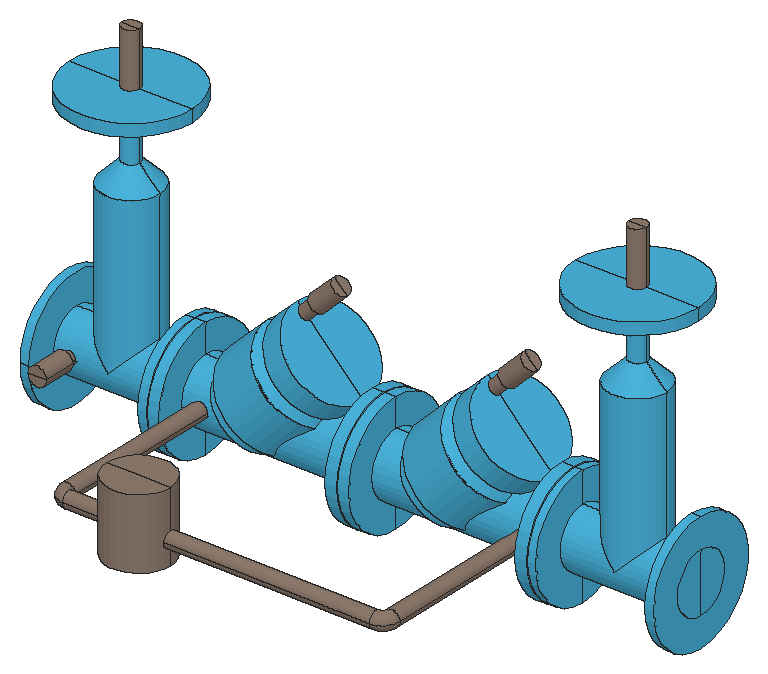
Revit family "Double_Check_Detector_Assemblies-Backflow_Prevention-WATTS-709DCDA-OSY", category Pipe Accessories, Revit 2016
Family settings
  Part Type = Valve - Breaks Into
  Round Connector Dimension = Use Radius
  OmniClass Number = 23.65.55.14.21
  OmniClass Title = Non-Return Valves for Liquid Services
  Work Plane-Based = No
  Always vertical = Yes
  Cut with Voids When Loaded = No
  Shared = No
Parameters (values of type "3" 709DCDA-OSY")
  URL = "http://www.watts.com/"
  TC_Nipple_Rad = 0.420"
  TC_Nipple_Length = 1.140"
  TC_Dist = 7.000"
  TC_Body_Rad = 0.580"
  TC_Body_Length = 2.060"
  TC_1_Dist = 1.500"
  TC1_CL_Dist = 1.060"
  Shipping Weight = 190.000 lbf
  Region = "North America"  # constant formula
  RV_Thk = 0.000"
  Product Page URL = "https://www.watts.com/products/plumbing-flow-control-solutions/backflow-preventers/double-check-detector-assemblies/709dcda"
  Product Documentation Link = "http://www.watts.com/pdf/ES-709DCDA.pdf"
  Ordering Code = "CFM Meter : 0387052 / GPM Meter : 0387745"
  Model = "709DCDA-OSY"
  Max. Working Pressure = "175 psi (12.1 bar)"
  Material = "Metal-WATTS-Epoxy Coated Cast Iron"  # constant formula
  Manufacturer Product Line = "Backflow Prevention"  # constant formula
  Manufacturer = "WATTS"
  Height = 18.875"
  GV_Stem_Rad = 0.550"
  GV_Stem_Length = 7.000"
  GV_Stem_Dist = GV_OAL / 2  # 4.000"
  GV_OSY_Stem_Hieght = 3.200"
  GV_OAL = 8.000"
  GV_Outlet_Flange_Ext_Dist = -0.550"
  GV_Handle_Thk = 0.750"
  GV_Handle_Rad = 3.940"
  GV_Handle_Hieght = 15.500"
  GV_Flow_Rad = 1.850"
  GV_Flange_Thk = 0.550"
  GV_Flange_Rad = 3.740"
  GV_Bonnet_Hieght = 10.000"
  Flow Rate = "7.5 fps / 2.3 mps"
  Description = "Series 709DCDA Double Check Detector Assemblies prevent backflow of non-health hazard fire protection system substances from being pumped or siphoned into the potable water supply.  It incorporates a meter to detect ground leaks and unauthorized illegal taps, greatly reducing annual water expenses.  Its compact epoxy coated cast iron unibody and modular check design facilitate simple and easy installation and maintenance.  Maximum Working Pressure: 175psi (12.06 bar)."  # constant formula
  Country = "United States"  # constant formula
  Connection_Rad = 1 1/2"
  Connection Type = "3\" Flange"
  Connection Size = Connection_Rad * 2  # 3.000"
  Connection Outlet Description = "3\" Connection Outlet"
  Connection Inlet Description = "3\" Connection Inlet "
  Chk_Main_Rad = 3.110"
  Chk_Main_OAL = 6.900"
  Chk_Inlet_Rad = 2.540"
  Chk_Flow_Rad = 1.980"
  Chk_Flange_Thk = 0.750"
  Chk_Flange_Rad = 3.750"
  Chk_Fillet_Rad = 0.380"
  Chk_Cover_Rad = 3.000"
  Chk_Cover_Thk = 1.530"
  Chk_CL_Base = 1.080"
  Chk_Body_Cover_Rad = 2.625"
  Chk_Body_Cover_Dist = 0.410"
  Chk_Angle_Dist = 3.750"
  Chk_Angle = 45.00°
  Check_OAL = 12.000"
  BP_WM_Top = 2.920"
  BP_WM_Rad = 2.000"
  BP_WM_Dist = BP_InFlg_Start + 4.960"  # 6.835"
  BP_WM_Btm = 1.520"
  BP_Sweep_Rad = 0.560"
  BP_Rad = 0.500"
  BP_Length = 20.500"
  BP_InFlg_Start = 1.875"
  BP_CL_Bypass = 12.930"
  Assembly Code = "D2090800"
Types (6): name | TC_Nipple_Length | TC_Dist | TC_1_Dist | TC1_CL_Dist | Shipping Weight | Ordering Code | Height | GV_Stem_Rad | GV_Stem_Length | GV_Stem_Dist | GV_OSY_Stem_Hieght | GV_OAL | GV_Outlet_Flange_Ext_Dist | GV_Handle_Thk | GV_Handle_Rad | GV_Handle_Hieght | GV_Flow_Rad | GV_Flange_Thk | GV_Flange_Rad | GV_Bonnet_Hieght | Connection_Rad | Connection Type | Connection Size | Connection Outlet Description | Connection Inlet Description | Chk_Main_Rad | Chk_Main_OAL | Chk_Inlet_Rad | Chk_Flow_Rad | Chk_Flange_Thk | Chk_Flange_Rad | Chk_Cover_Rad | Chk_Cover_Thk | Chk_CL_Base | Chk_Body_Cover_Rad | Chk_Body_Cover_Dist | Chk_Angle_Dist | Check_OAL | BP_Length | BP_CL_Bypass
  (no name) | 1.140" | 7.000" | 1.500" | 1.060" | 190.000 lbf | "CFM Meter : 0387052 / GPM Meter : 0387745" | 18.875" | 0.550" | 7.000" | 4.000" | 3.200" | 8.000" | -0.550" | 0.750" | 3.940" | 15.500" | 1.850" | 0.550" | 3.740" | 10.000" | 1 1/2" | "3\" Flange" | 3.000" | "3\" Connection Outlet" | "3\" Connection Inlet " | 3.110" | 6.900" | 2.540" | 1.980" | 0.750" | 3.750" | 3.000" | 1.530" | 1.080" | 2.625" | 0.410" | 3.750" | 12.000" | 20.500" | 12.930"
  3" 709DCDA-OSY | 1.140" | 7.000" | 1.500" | 1.060" | 190.000 lbf | "CFM Meter : 0387052 / GPM Meter : 0387745" | 18.875" | 0.550" | 7.000" | 4.000" | 3.200" | 8.000" | -0.550" | 0.750" | 3.940" | 15.500" | 1.850" | 0.550" | 3.740" | 10.000" | 1 1/2" | "3\" Flange" | 3.000" | "3\" Connection Outlet" | "3\" Connection Inlet " | 3.110" | 6.900" | 2.540" | 1.980" | 0.750" | 3.750" | 3.000" | 1.530" | 1.080" | 2.625" | 0.410" | 3.750" | 12.000" | 20.500" | 12.930"
  4" 709DCDA-OSY | 1.000" | 9.280" | 2.000" | 1.060" | 403.000 lbf | "CFM Meter : 0387058 / GPM Meter : 0385680" | 22.750" | 0.550" | 8.000" | 4.500" | 4.750" | 9.000" | -0.940" | 0.870" | 4.940" | 18.000" | 2.560" | 0.940" | 4.500" | 11.000" | 2" | "4\" Flange" | 4.000" | "4\" Connection Outlet" | "4\" Connection Inlet" | 3.750" | 9.260" | 3.130" | 2.630" | 0.940" | 4.500" | 4.340" | 1.530" | 1.560" | 3.260" | 0.620" | 4.500" | 17.000" | 30.000" | 13.430"
  6" 709DCDA-OSY | 1.000" | 10.500" | 2.000" | 3.000" | 727.000 lbf | "CFM Meter : 0387069 / GPM Meter : 0387082" | 30.125" | 0.625" | 8.000" | 5.125" | 6.750" | 10.250" | -1.000" | 0.870" | 5.940" | 23.380" | 3.580" | 1.000" | 5.500" | 14.000" | 3" | "6\" Flange" | 6.000" | "6\" Connection Outlet" | "6\" Connection Inlet" | 5.250" | 10.860" | 4.440" | 3.750" | 1.000" | 5.500" | 5.880" | 1.740" | 0.760" | 4.625" | 0.620" | 5.500" | 21.000" | 38.000" | 14.430"
  8" 709DCDA-OSY | 1.000" | 14.000" | 2.500" | 4.000" | 1327.000 lbf | "CFM Meter : 0387088 / GPM Meter : 0387070" | 37.750" | 0.660" | 8.000" | 5.750" | 8.500" | 11.500" | -1.180" | 1.060" | 6.790" | 30.500" | 4.530" | 1.180" | 6.750" | 20.000" | 4" | "8\" Flange" | 8.000" | "8\" Connection Outlet" | "8\" Connection Inlet" | 6.625" | 15.560" | 5.940" | 4.810" | 1.100" | 6.750" | 7.310" | 2.180" | 1.265" | 6.125" | 0.680" | 6.380" | 26.000" | 48.000" | 15.930"
  10" 709DCDA-OSY | 1.000" | 16.000" | 2.500" | 5.000" | 2093.000 lbf | "CFM Meter : 0387090 / GPM Meter : 0387092" | 45.750" | 0.840" | 8.000" | 6.500" | 11.300" | 13.000" | -1.180" | 1.060" | 8.030" | 38.000" | 5.600" | 1.180" | 8.000" | 25.000" | 5" | "10\" Flange" | 10.000" | "10\" Connection Outlet" | "10\" Connection Inlet" | 8.750" | 18.800" | 7.180" | 5.940" | 1.120" | 8.000" | 8.750" | 2.310" | 2.060" | 7.190" | 0.520" | 7.440" | 32.000" | 60.000" | 17.430"
Reference planes (in)
  plane 1 "Center (Front/Back)": y = 0
  plane 2: z = 0
  plane 3 "Center (Left/Right)": x = 0
  plane 4 "1st_Check_In_Flange": x = 8
  plane 5 "1st_Check_Out_Flange": x = 20
  plane 6 "2nd_Check_In_Flange": x = 20
  plane 7 "2nd_Check_Out_Flange": x = 32
  plane 8 "Out_Gate_WP": x = 40
  plane 9 "GV_Handle_Hieght": z = 15.5
  plane 10 "BP_WP": y = -12.93
  plane 11: z = 18.875
  plane 12: x = 9.875
  plane 13: x = 30.375
  plane 14: x = 1.5
  plane 15: x = 0
  plane 16: x = 10.58065
  plane 17: x = 20
  plane 18: x = 29.41935
  plane 19: x = 40
Forms (in)
  Revolve 1, solid, material "Metal-WATTS-Epoxy Coated Cast Iron"
    sketch origin (0, 0, 0) x (1, 0, 0) y (0, 0, 1)
      loop
        line (8, -3.75) -> (8.75, -3.75) -> (8.75, -1.98) -> (19.25, -1.98) -> (19.25, -3.75) -> (20, -3.75) -> (20, 0) -> (8, 0) -> (8, -3.75)
      axis (8, 0) -> (20, 0)
    angle from 0 to 360
  Revolve 2, solid, material "Metal-WATTS-Epoxy Coated Cast Iron"
    sketch origin (0, 0, 0) x (1, 0, 0) y (0, 0, 1)
      loop
        line (11.75, 0) -> (16.62904, 4.87904) -> (14.50772, 7.00036) -> (13.42584, 5.91848) -> (13.69101, 5.65332) -> (13.40109, 5.3634) -> (12.7152, 5.3634) -> (10.31457, 2.96278) -> (10.71762, 2.55973) -> (9.95395, 1.79605) -> (11.75, 0)
      axis (16.62904, 4.87904) -> (11.75, 0)
    angle from 0 to 360
  Revolve 3, solid, material "Metal-WATTS-Epoxy Coated Cast Iron"
    sketch origin (0, 0, 0) x (1, 0, 0) y (0, 0, 1)
      loop
        line (20, 0) -> (20, -3.75) -> (20.75, -3.75) -> (20.75, -1.98) -> (31.25, -1.98) -> (31.25, -3.75) -> (32, -3.75) -> (32, 0) -> (20, 0)
      axis (20, 0) -> (32, 0)
    angle from 0 to 360
  Revolve 4, solid, material "Metal-WATTS-Epoxy Coated Cast Iron"
    sketch origin (0, 0, 0) x (1, 0, 0) y (0, 0, 1)
      loop
        line (23.75, 0) -> (28.62904, 4.87904) -> (26.50772, 7.00036) -> (25.42584, 5.91848) -> (25.69101, 5.65332) -> (25.40109, 5.3634) -> (24.7152, 5.3634) -> (22.31457, 2.96278) -> (22.71762, 2.55973) -> (21.95395, 1.79605) -> (23.75, 0)
      axis (28.62904, 4.87904) -> (23.75, 0)
    angle from 0 to 360
  Revolve 5, solid, material "Metal-WATTS-Bronze"
    sketch origin (0, 0, 0) x (1, 0, 0) y (0, 0, 1)
      loop
        line (15, 6.50807) -> (17.26274, 8.77082) -> (16.85262, 9.18094) -> (15.39598, 7.7243) -> (15.50912, 7.61116) -> (14.70302, 6.80506) -> (15, 6.50807)
      axis (17.26274, 8.77082) -> (15, 6.50807)
    angle from 0 to 360
  Revolve 6, solid, material "Metal-WATTS-Bronze"
    sketch origin (0, 0, 0) x (1, 0, 0) y (0, 0, 1)
      loop
        line (27, 6.50807) -> (29.26274, 8.77082) -> (28.85262, 9.18094) -> (27.39598, 7.7243) -> (27.50912, 7.61116) -> (26.70302, 6.80506) -> (27, 6.50807)
      axis (29.26274, 8.77082) -> (27, 6.50807)
    angle from 0 to 360
  Revolve 7, solid, material "Metal-WATTS-Epoxy Coated Cast Iron"
    sketch origin (0, 0, 0) x (1, 0, 0) y (0, 0, 1)
      loop
        line (8, 3.74) -> (7.45, 3.74) -> (7.45, 1.85) -> (0, 1.85) -> (0, 0) -> (8, 0) -> (8, 3.74)
      loop
        line (32, 3.74) -> (32, 0) -> (40, 0) -> (40, 1.85) -> (32.55, 1.85) -> (32.55, 3.74) -> (32, 3.74)
      axis (0, 0) -> (40, 0)
    angle from 0 to 360
  Extrusion 8, solid, material "Metal-WATTS-Epoxy Coated Cast Iron"
    sketch origin (0, 0, 0) x (0, 1, 0) y (0, 0, 1)
      loop
        circle (0, 0) r 3.74
    from 0 to 0.55 <- "GV_Flange_Thk"
  Extrusion 9, solid, material "Metal-WATTS-Epoxy Coated Cast Iron"
    sketch origin (40, 0, 0) x (0, 0, 1) y (0, -1, 0)
      loop
        circle (0, 0) r 3.74
    from 0 to -0.55 <- "GV_Outlet_Flange_Ext_Dist"
  Revolve 10, solid, material "Metal-WATTS-Epoxy Coated Cast Iron"
    sketch origin (0, 0, 0) x (1, 0, 0) y (0, 0, 1)
      loop
        line (3.45, 15.5) -> (0.125, 15.5) -> (0.125, 14.75) -> (3.45, 14.75) -> (3.45, 11.3) -> (2.15, 10) -> (2.15, 0) -> (4, 0) -> (4, 18.875) -> (3.45, 18.875) -> (3.45, 15.5)
      axis (4, 18.875) -> (4, 0)
    angle from 0 to 360
  Revolve 11, solid, material "Metal-WATTS-Epoxy Coated Cast Iron"
    sketch origin (0, 0, 0) x (1, 0, 0) y (0, 0, 1)
      loop
        line (35.45, 15.5) -> (32.125, 15.5) -> (32.125, 14.75) -> (35.45, 14.75) -> (35.45, 11.3) -> (34.15, 10) -> (34.15, 0) -> (36, 0) -> (36, 18.875) -> (35.45, 18.875) -> (35.45, 15.5)
      axis (36, 18.875) -> (36, 0)
    angle from 0 to 360
  Revolve 12, solid, material "Metal-WATTS-Bronze"
    sketch origin (0, 0, 0) x (1, 0, 0) y (0, 1, 0)
      loop
        line (1.5, -1.06) -> (1.08, -1.06) -> (1.08, -2.2) -> (0.92, -2.2) -> (0.92, -4.26) -> (1.5, -4.26) -> (1.5, -1.06)
      axis (1.5, -1.06) -> (1.5, -4.26)
    angle from 0 to 360
  Sweep 13, solid, material "Metal-WATTS-Bronze"
    path origin (0, 0, 0) x (1, 0, 0) y (0, 1, 0)
      loop
        line (9.875, 0) -> (9.875, -12.37)
        arc (9.875, -12.37) -> (10.03902, -12.76598) -> (10.435, -12.93) r 0.56
        line (10.435, -12.93) -> (29.815, -12.93)
        arc (29.815, -12.93) -> (30.21098, -12.76598) -> (30.375, -12.37) r 0.56
        line (30.375, -12.37) -> (30.375, 0)
    profile origin (9.875, 0, 0) x (1, 0, 0) y (0, 0, 1)
      loop
        circle (0, 0) r 0.5
  Revolve 14, solid, material "Metal-WATTS-Bronze"
    sketch origin (0, -12.93, 0) x (-1, 0, 0) y (0, 0, 1)
      loop
        line (-14.835, -1.52) -> (-12.835, -1.52) -> (-12.835, 2.92) -> (-14.835, 2.92) -> (-14.835, -1.52)
      axis (-14.835, 2.92) -> (-14.835, -1.52)
    angle from 0 to 360
Lines and regions (in)
  Masking region 1, detail levels fine
    outline origin (0, 0, 0) x (1, 0, 0) y (0, 1, 0)
      loop
        line (0, 3.74) -> (0, -3.74) -> (0.55, -3.74) -> (0.55, -1.7644)
        arc (0.55, -1.7644) -> (0.70196, -2.03435) -> (0.875, -2.29129) r 3.875
        line (0.875, -2.29129) -> (0.875, -4.26) -> (2.125, -4.26) -> (2.125, -3.39116)
        arc (2.125, -3.39116) -> (5.13214, -3.70593) -> (7.45, -1.7644) r 3.875
        line (7.45, -1.7644) -> (7.45, -3.74) -> (8.75, -3.74) -> (8.75, -1.98) -> (9.375, -1.98) -> (9.375, -12.43)
        arc (9.375, -12.43) -> (9.66789, -13.13711) -> (10.375, -13.43) r 1
        line (10.375, -13.43) -> (12.89851, -13.43)
        arc (12.89851, -13.43) -> (14.835, -14.93) -> (16.77149, -13.43) r 2
        line (16.77149, -13.43) -> (30.0477, -13.43)
        arc (30.0477, -13.43) -> (30.64063, -13.08815) -> (30.87484, -12.44505) r 1
        line (30.87484, -12.44505) -> (30.87484, -1.98) -> (31.25, -1.98) -> (31.25, -3.74) -> (32.55, -3.74) -> (32.55, -1.7644)
        arc (32.55, -1.7644) -> (36, -3.875) -> (39.45, -1.7644) r 3.875
        line (39.45, -1.7644) -> (39.45, -3.74) -> (40, -3.74) -> (40, 3.74) -> (39.45, 3.74) -> (39.45, 1.7644)
        arc (39.45, 1.7644) -> (36, 3.875) -> (32.55, 1.7644) r 3.875
        line (32.55, 1.7644) -> (32.55, 3.74) -> (31.25, 3.74) -> (31.25, 1.98) -> (30.38, 1.98) -> (29.22484, 3.11) -> (23.7792, 3.11) -> (22.62404, 1.98) -> (20.75, 1.98) -> (20.75, 3.74) -> (19.25, 3.74) -> (19.25, 1.98) -> (18.25, 1.98) -> (17.09484, 3.11) -> (10.51428, 3.11) -> (10.51428, 1.98) -> (8.75, 1.98) -> (8.75, 3.74) -> (7.45, 3.74) -> (7.45, 1.7644)
        arc (7.45, 1.7644) -> (4, 3.875) -> (0.55, 1.7644) r 3.875
        line (0.55, 1.7644) -> (0.55, 3.74) -> (0, 3.74)
      loop
        line (19.25, -3.74) -> (19.25, -1.98) -> (18.25, -1.98) -> (17.09484, -3.11) -> (10.51428, -3.11) -> (10.51428, -1.98) -> (10.38158, -1.98) -> (10.38158, -12.43) -> (12.89851, -12.43)
        arc (12.89851, -12.43) -> (14.835, -10.93) -> (16.77149, -12.43) r 2
        line (16.77149, -12.43) -> (29.87484, -12.43) -> (29.87484, -2.23809) -> (28.87484, -3.11) -> (23.7792, -3.11) -> (22.62404, -1.98) -> (20.75, -1.98) -> (20.75, -3.74) -> (19.25, -3.74)
  symbolic lines, detail levels fine
    curve 1: arc (0.55, 1.7644, 0) -> (0.125, 0, 0) -> (0.55, -1.7644, 0) r 3.875
    curve 2: arc (7.45, 1.7644, 0) -> (7.875, 0, 0) -> (7.45, -1.7644, 0) r 3.875
    curve 3: arc (39.45, 1.7644, 0) -> (39.875, 0, 0) -> (39.45, -1.7644, 0) r 3.875
    curve 4: arc (32.55, 1.7644, 0) -> (32.125, 0, 0) -> (32.55, -1.7644, 0) r 3.875
    curve 5: line (8.75, 1.98, 0) -> (8.75, -1.98, 0)
    curve 6: line (19.25, 1.98, 0) -> (19.25, -1.98, 0)
    curve 7: line (31.25, -1.98, 0) -> (31.25, 1.98, 0)
    curve 8: circle (14.835, -12.93, 0) r 2 normal (0, 0, -1)
    curve 9: arc (0.875, -2.29129, 0) -> (1.44023, -2.90916, 0) -> (2.125, -3.39116, 0) r 3.875
    curve 10: line (20.75, 1.98, 0) -> (20.75, -1.98, 0)
    curve 11: line (18.25, -1.98, 0) -> (18.25, 1.98, 0)
    curve 12: line (22.62404, -1.98, 0) -> (22.62404, 1.98, 0)
    curve 13: line (31.25, -1.98, 0) -> (30.80648, -1.98, 0)
    curve 14: circle (4, 0, 0) r 0.55 normal (0, 0, -1)
    curve 15: circle (36, 0, 0) r 0.55 normal (0, 0, -1)
    curve 16: line (9.375, -1.98, 0) -> (10.38158, -1.98, 0)
  model lines, detail levels coarse+medium
    curve 17: line (0, 2.01613, 0) -> (0, -2.01613, 0)
    curve 18: line (0, -2.01613, 0) -> (10.58065, 2.25918, 0)
    curve 19: line (10.58065, -2.01613, 0) -> (10.58065, 2.25918, 0)
    curve 20: line (10.58065, 2.25918, 0) -> (20, -1.98454, 0)
    curve 21: line (20, -1.98454, 0) -> (20, 2.01613, 0)
    curve 22: line (20, 2.01613, 0) -> (29.41935, -2.01613, 0)
    curve 23: line (29.41935, -2.01613, 0) -> (29.41935, 2.01613, 0)
    curve 24: line (29.41935, 2.01613, 0) -> (40, -2.01613, 0)
    curve 25: line (40, -2.01613, 0) -> (40, 2.01613, 0)
    curve 26: line (40, 2.01613, 0) -> (29.41935, -2.01613, 0)
    curve 27: line (0, 2.01613, 0) -> (10.58065, -2.01613, 0)
    curve 28: line (4.98957, 0, 0) -> (4.98957, 2.01613, 0)
    curve 29: line (34.70968, 0, 0) -> (34.70968, 2.01613, 0)
    curve 30: line (3.80543, 2.01613, 0) -> (6.17371, 2.01613, 0)
    curve 31: line (33.52554, 2.01613, 0) -> (35.89382, 2.01613, 0)
Dimensions and locks (in)
  "GV_OAL": plane 4 "1st_Check_In_Flange" to plane 3 "Center (Left/Right)"
  "Check_OAL": plane 5 "1st_Check_Out_Flange" to plane 4 "1st_Check_In_Flange"
  "Chk_Flange_Rad": level to Revolve 1 sketch curve
  "Chk_Flange_Thk": Revolve 1 sketch curve to Revolve 1 sketch curve  (x2)
  "Chk_Flow_Rad": level to Revolve 1 sketch curve
  "Chk_Cover_Thk": Revolve 2 sketch curve to Revolve 2 sketch curve
  "Chk_Body_Cover_Rad": Revolve 2 sketch curve to Revolve 2 sketch curve
  "Chk_Cover_Rad": Revolve 2 sketch curve to Revolve 2 sketch curve
  "Chk_Inlet_Rad": Revolve 2 sketch curve to Revolve 2 sketch curve
  "Chk_Main_Rad": Revolve 2 sketch curve to Revolve 2 sketch curve
  "Chk_Body_Cover_Dist": Revolve 2 sketch curve to Revolve 2 sketch curve
  "Chk_CL_Base": Revolve 2 sketch curve to Revolve 2 sketch curve
  "Chk_Main_OAL": Revolve 2 sketch curve to Revolve 2 sketch curve
  "Chk_Angle_Dist": Revolve 2 sketch curve to plane 4 "1st_Check_In_Flange"
  "RV_Thk": plane 6 "2nd_Check_In_Flange" to plane 5 "1st_Check_Out_Flange"
  "Check_OAL": plane 7 "2nd_Check_Out_Flange" to plane 6 "2nd_Check_In_Flange"
  "Chk_Flange_Rad": level to Revolve 3 sketch curve
  "Chk_Flow_Rad": Revolve 3 sketch curve to Revolve 3 sketch curve
  "Chk_Flange_Thk": Revolve 3 sketch curve to Revolve 3 sketch curve  (x2)
  "Chk_Angle_Dist": Revolve 4 sketch curve to Revolve 3
  "Chk_Inlet_Rad": Revolve 4 sketch curve to Revolve 4 sketch curve
  "Chk_Main_Rad": Revolve 4 sketch curve to Revolve 4 sketch curve
  "Chk_Body_Cover_Rad": Revolve 4 sketch curve to Revolve 4 sketch curve
  "Chk_Cover_Rad": Revolve 4 sketch curve to Revolve 4 sketch curve
  "Chk_Main_OAL": Revolve 4 sketch curve to Revolve 4 sketch curve
  "Chk_Cover_Thk": Revolve 4 sketch curve to Revolve 4 sketch curve
  "Chk_Body_Cover_Dist": Revolve 4 sketch curve to Revolve 4 sketch curve
  "Chk_CL_Base": Revolve 4 sketch curve to Revolve 4 sketch curve
  "TC_Body_Rad": Revolve 5 sketch curve to Revolve 5 sketch curve
  "TC_Nipple_Rad": Revolve 5 sketch curve to Revolve 5 sketch curve
  "TC_Body_Length": Revolve 5 sketch curve to Revolve 5 sketch curve
  "TC_Nipple_Length": Revolve 2 to Revolve 5 sketch curve
  "TC_Body_Rad": Revolve 6 sketch curve to Revolve 6 sketch curve
  "TC_Nipple_Rad": Revolve 6 sketch curve to Revolve 6 sketch curve
  "TC_Nipple_Length": Revolve 4 to Revolve 6 sketch curve
  "TC_Body_Length": Revolve 6 sketch curve to Revolve 6 sketch curve
  "GV_OAL": plane 8 "Out_Gate_WP" to plane 7 "2nd_Check_Out_Flange"
  "GV_Flow_Rad": Revolve 7 sketch curve to level
  "GV_Flange_Rad": Revolve 7 sketch curve to level
  "GV_Flange_Thk": Revolve 1 to Revolve 7 sketch curve
  "GV_Flange_Thk": Revolve 3 to Revolve 7 sketch curve
  "GV_Handle_Hieght": plane 9 "GV_Handle_Hieght" to level
  "GV_Bonnet_Hieght": Revolve 10 sketch curve to level
  "GV_Bonnet_Hieght": Revolve 11 sketch curve to level
  "TC_1_Dist": plane 3 "Center (Left/Right)" to Revolve 12 sketch curve
  "TC_Body_Rad": Revolve 12 sketch curve to Revolve 12 sketch curve
  "TC_Nipple_Rad": Revolve 12 sketch curve to Revolve 12 sketch curve
  "TC_Nipple_Length": Revolve 12 sketch curve to Revolve 12 sketch curve
  "TC_Body_Length": Revolve 12 sketch curve to Revolve 12 sketch curve
  "GV_Handle_Thk": Revolve 10 sketch curve to Revolve 10 sketch curve
  "GV_Stem_Rad": Revolve 11 sketch curve to Revolve 11 sketch curve  (x2)
  "GV_Handle_Thk": Revolve 11 sketch curve to Revolve 11 sketch curve
  "TC_Dist": Revolve 5 sketch curve to plane 4 "1st_Check_In_Flange"
  "TC_Dist": Revolve 6 sketch curve to plane 6 "2nd_Check_In_Flange"
  "GV_Stem_Rad": Revolve 10 sketch curve to Revolve 10 sketch curve
  "GV_Stem_Dist": Extrusion 8 to Revolve 10 sketch curve
  "GV_Stem_Dist": Revolve 7 to Revolve 11 sketch curve
  "GV_Flow_Rad": Revolve 11 sketch curve to Revolve 11 sketch curve
  "GV_Flow_Rad": Revolve 10 sketch curve to Revolve 10 sketch curve
  "TC1_CL_Dist": Revolve 12 sketch curve to plane 1 "Center (Front/Back)"
  "BP_WM_Dist": Revolve 14 sketch curve to plane 4 "1st_Check_In_Flange"
  "BP_WM_Rad": Revolve 14 sketch curve to Revolve 14 sketch curve
  "BP_WM_Top": Revolve 14 sketch curve to level
  "BP_WM_Btm": level to Revolve 14 sketch curve
  "BP_CL_Bypass": plane 10 "BP_WP" to plane 1 "Center (Front/Back)"
  "BP_InFlg_Start": plane 4 "1st_Check_In_Flange" to Sweep 13 sketch curve
  "BP_Length": Sweep 13 sketch curve to Sweep 13 sketch curve
  "GV_Flange_Rad": plane 1 "Center (Front/Back)" to Masking region 1 sketch curve
  "GV_Flange_Rad": Revolve 5 to Masking region 1 sketch curve
  "Chk_Main_Rad": plane 1 "Center (Front/Back)" to Masking region 1 sketch curve
  "Chk_Main_Rad": Masking region 1 sketch curve to plane 1 "Center (Front/Back)"
  "Chk_Flow_Rad": plane 1 "Center (Front/Back)" to Masking region 1 sketch curve
  "Chk_Flow_Rad": Masking region 1 sketch curve to plane 1 "Center (Front/Back)"
  plane 8 "Out_Gate_WP" to plane 3 "Center (Left/Right)" = 40.000"
  "Height": plane 11 to level
  locked: plane 10 "BP_WP" to Masking region 1 sketch curve at 0.5
  locked: Masking region 1 sketch curve to plane 10 "BP_WP" at 0.5
  "BP_InFlg_Start": plane 4 "1st_Check_In_Flange" to plane 12
  "BP_Length": plane 12 to plane 13
  Masking region 1 sketch curve to plane 12 = 0.500"
  locked: plane 12 to Masking region 1 sketch curve at 0.50658
  locked: plane 13 to Masking region 1 sketch curve at 0.49984
  locked: Masking region 1 sketch curve to plane 13 at 0.50016
  locked: plane 4 "1st_Check_In_Flange" to Masking region 1 sketch curve at 2.51428
  "TC_1_Dist": plane 3 "Center (Left/Right)" to plane 14
  locked: plane 14 to Masking region 1 sketch curve at 0.625
  locked: Masking region 1 sketch curve to plane 14 at 0.625
  locked: plane 16 to plane 17 at 9.41935
  locked: plane 17 to plane 18 at 9.41935
  locked: plane 15 to plane 16 at 10.58065
  locked: plane 18 to plane 19 at 10.58065
  "GV_Flange_Rad": radius of Extrusion 8 sketch curve
  "GV_Flange_Rad": radius of Extrusion 9 sketch curve
  "BP_Sweep_Rad": radius of Sweep 13 sketch curve  (x2)
  "BP_Rad": radius of Sweep 13 sketch curve
  "Chk_Angle": angle level to Revolve 2 sketch curve
  "Chk_Angle": angle level to Revolve 4 sketch curve
  "Chk_Angle": angle Revolve 10 sketch curve to Revolve 10 sketch curve
  "Chk_Angle": angle Revolve 11 sketch curve to Revolve 11 sketch curve
  aligned and locked: Revolve 1 sketch curve to Revolve 1 sketch curve
  aligned and locked: Revolve 1 sketch curve to level  (x2)
  aligned and locked: level to Revolve 2 sketch curve
  aligned and locked: Revolve 2 sketch curve to Revolve 2 sketch curve  (x2)
  aligned and locked: Revolve 3 sketch curve to plane 6 "2nd_Check_In_Flange"
  aligned and locked: plane 7 "2nd_Check_Out_Flange" to Revolve 3 sketch curve
  aligned and locked: level to Revolve 3 sketch curve
  aligned and locked: Revolve 3 sketch curve to Revolve 3 sketch curve
  aligned and locked: Revolve 3 sketch curve to level
  aligned and locked: level to Revolve 4 sketch curve
  aligned and locked: Revolve 4 sketch curve to Revolve 4 sketch curve
  aligned and locked: Revolve 2 to Revolve 5 sketch curve
  aligned and locked: Revolve 5 sketch curve to Revolve 5 sketch curve
  aligned and locked: Revolve 4 to Revolve 6 sketch curve
  aligned and locked: Revolve 6 sketch curve to Revolve 6 sketch curve
  aligned and locked: plane 7 "2nd_Check_Out_Flange" to Revolve 7 sketch curve
  aligned and locked: plane 4 "1st_Check_In_Flange" to Revolve 7 sketch curve
  aligned and locked: Revolve 7 sketch curve to Revolve 7 sketch curve  (x4)
  aligned and locked: Revolve 7 sketch curve to plane 8 "Out_Gate_WP"
  aligned and locked: Revolve 7 sketch curve to plane 3 "Center (Left/Right)"
  aligned and locked: Revolve 10 sketch curve to level
  aligned and locked: plane 9 "GV_Handle_Hieght" to Revolve 10 sketch curve
  aligned and locked: plane 9 "GV_Handle_Hieght" to Revolve 11 sketch curve
  aligned and locked: Revolve 11 sketch curve to level
  aligned and locked: Revolve 12 sketch curve to Revolve 12 sketch curve
  aligned and locked: Revolve 10 sketch curve to Revolve 10 sketch curve  (x2)
  aligned and locked: Revolve 14 sketch curve to Revolve 14 sketch curve  (x2)
  aligned and locked: Sweep 13 sketch curve to plane 10 "BP_WP"
  aligned and locked: Masking region 1 sketch curve to Masking region 1 sketch curve  (x20)
  aligned and locked: Masking region 1 sketch curve to plane 3 "Center (Left/Right)"
  aligned and locked: Masking region 1 sketch curve to Extrusion 8
  aligned and locked: Extrusion 8 to Masking region 1 sketch curve
  aligned and locked: Masking region 1 sketch curve to Revolve 12
  aligned and locked: Masking region 1 sketch curve to Revolve 7  (x4)
  aligned and locked: Masking region 1 sketch curve to Revolve 1  (x3)
  aligned and locked: Revolve 1 to Masking region 1 sketch curve
  aligned and locked: Masking region 1 sketch curve to Revolve 3  (x2)
  aligned and locked: Revolve 3 to Masking region 1 sketch curve  (x2)
  aligned and locked: Masking region 1 sketch curve to Extrusion 9  (x3)
  aligned and locked: Masking region 1 sketch curve to Revolve 11  (x2)
  aligned and locked: Masking region 1 sketch curve to Revolve 10  (x3)
  aligned and locked: curve 8 to Revolve 14
  aligned and locked: Masking region 1 to curve 9  (x2)
  aligned and locked: curve 9 to Revolve 10
  aligned and locked: curve 2 to Revolve 10
  aligned and locked: Revolve 7 to curve 2  (x2)
  aligned and locked: curve 1 to Revolve 10
  aligned and locked: Extrusion 8 to curve 1  (x2)
  aligned and locked: curve 5 to Revolve 1
  aligned and locked: Masking region 1 to curve 5
  aligned and locked: curve 6 to Revolve 1
  aligned and locked: Masking region 1 to Masking region 1  (x3)
  aligned and locked: Masking region 1 to curve 6
  aligned and locked: curve 7 to Revolve 3
  aligned and locked: Masking region 1 to curve 7  (x2)
  aligned and locked: curve 4 to Revolve 11
  aligned and locked: curve 3 to Revolve 11  (x2)
  aligned and locked: Revolve 7 to curve 4  (x2)
  aligned and locked: Extrusion 9 to curve 3  (x2)
  aligned and locked: curve 10 to Revolve 3
  aligned and locked: Masking region 1 to curve 10  (x2)
  aligned and locked: Masking region 1 to curve 11  (x4)
  aligned and locked: Masking region 1 to curve 12  (x4)
  aligned and locked: Revolve 10 sketch curve to plane 11
  aligned and locked: Revolve 11 sketch curve to Revolve 11 sketch curve
  aligned and locked: Revolve 11 sketch curve to plane 11
  aligned and locked: Masking region 1 sketch curve to Revolve 14  (x2)
  aligned and locked: curve 14 to Revolve 10
  aligned and locked: curve 15 to Revolve 11
  aligned and locked: Masking region 1 to curve 16  (x2)
  aligned and locked: curve 16 to Masking region 1
  aligned and locked: curve 17 to plane 15
  aligned and locked: plane 16 to curve 19
  aligned and locked: plane 17 to curve 21
  aligned and locked: plane 18 to curve 23
  aligned and locked: plane 19 to curve 25
  aligned and locked: plane 6 "2nd_Check_In_Flange" to plane 17
Automatic sketch dimensions
  Revolve 1 sketch curve to plane 4 "1st_Check_In_Flange" = 0.000"
  Revolve 1 sketch curve to plane 5 "1st_Check_Out_Flange" = 0.000"
  Revolve 1 sketch curve to plane 3 "Center (Left/Right)" = 60.41868"
  Revolve 1 sketch curve to Revolve 1 sketch curve = 45.84541"
  Revolve 3 sketch curve to plane 3 "Center (Left/Right)" = 60.41868"
  plane 7 "2nd_Check_Out_Flange" to Revolve 3 sketch curve = 31.80541"
  Revolve 5 sketch curve to Revolve 5 sketch curve = 0.000"  (x2)
  Revolve 6 sketch curve to Revolve 6 sketch curve = 0.000"  (x2)
  Revolve 7 sketch curve to plane 8 "Out_Gate_WP" = 0.000"
  Revolve 7 sketch curve to level = 0.000"  (x2)
  Revolve 4 sketch curve to level = 0.000"
  Revolve 4 sketch curve to plane 9 "GV_Handle_Hieght" = 2.89219"
  Revolve 2 sketch curve to level = 0.000"
  Revolve 14 sketch curve to Revolve 14 sketch curve = 0.000"
  Revolve 10 sketch curve to level = 0.000"
  Revolve 10 sketch curve to plane 9 "GV_Handle_Hieght" = 0.000"
  plane 3 "Center (Left/Right)" to Revolve 10 sketch curve = 0.125"
  Revolve 11 sketch curve to level = 0.000"
  Revolve 11 sketch curve to plane 9 "GV_Handle_Hieght" = 0.000"
  plane 7 "2nd_Check_Out_Flange" to Revolve 11 sketch curve = 0.125"
  plane 1 "Center (Front/Back)" to curve 28 = 0.000"
  plane 1 "Center (Front/Back)" to curve 29 = 0.000"
  plane 1 "Center (Front/Back)" to curve 22 = 2.01613"
  plane 1 "Center (Front/Back)" to curve 19 = 2.01613"
  plane 1 "Center (Front/Back)" to curve 17 = 2.01613"
  plane 1 "Center (Front/Back)" to curve 24 = 2.01613"
  plane 1 "Center (Front/Back)" to curve 20 = 1.98454"
  curve 23 to plane 1 "Center (Front/Back)" = 2.01613"
  curve 22 to plane 1 "Center (Front/Back)" = 2.01613"
  curve 25 to plane 1 "Center (Front/Back)" = 2.01613"
  curve 27 to plane 1 "Center (Front/Back)" = 2.01613"
  curve 19 to plane 1 "Center (Front/Back)" = 2.25918"
  curve 13 to curve 7 = 0.44352"
  curve 30 to curve 28 = 1.18414"
  curve 28 to curve 30 = 1.18414"
  curve 31 to curve 29 = 1.18414"
  curve 29 to curve 31 = 1.18414"
  curve 5 to curve 16 = 0.000"
  curve 11 to curve 6 = 0.000"
  curve 31 to plane 1 "Center (Front/Back)" = 2.01613"
  curve 30 to plane 1 "Center (Front/Back)" = 2.01613"
  Extrusion 8 sketch curve to level = 0.000"
  Extrusion 8 sketch curve to plane 1 "Center (Front/Back)" = 0.000"
  Extrusion 9 sketch curve to level = 0.000"
  Extrusion 9 sketch curve to plane 1 "Center (Front/Back)" = 0.000"
  Revolve 12 sketch curve to Revolve 12 sketch curve = 0.000"  (x2)
  plane 1 "Center (Front/Back)" to Sweep 13 sketch curve = 0.000"  (x2)
  Sweep 13 sketch curve to level = 0.000"
  profile plane to Sweep 13 sketch curve = 0.000"
  plane 12 to Masking region 1 sketch curve = 0.500"
  Masking region 1 sketch curve to Masking region 1 sketch curve = 2.15516"  (x2)
  Masking region 1 sketch curve to Masking region 1 sketch curve = 1.000"  (x3)
  Masking region 1 sketch curve to Masking region 1 sketch curve = 1.87404"  (x2)
  Masking region 1 sketch curve to Masking region 1 sketch curve = 1.15516"  (x2)
  Masking region 1 sketch curve to plane 13 = 1.15016"
  Masking region 1 sketch curve to Masking region 1 sketch curve = 0.000"
  Masking region 1 sketch curve to plane 13 = 0.3273"
  plane 13 to Masking region 1 sketch curve = 0.005"
  Masking region 1 sketch curve to Masking region 1 sketch curve = 0.25809"
Connectors (in)
  piping at (0, 0, 0), diameter 3, driven by "Connection_Rad", driven by "Connection Inlet Description"
    settings: on Extrusion 8, index 1, connector inside diameter 3", connector length 0.000", flow factor 0, pipe flow 0 GPM, pressure drop 0.00 psi, fitting loss kfactor 0, connector angle 0.00°, fixture units 0, engagement length 0.000", angle of deflection 0.00°, flow configuration 0, flow direction 1, fitting loss method 0, system type 29, joint type 0, gender type 0, connector reference index 2, connector utility 0, adjustable connector no, is connector primary yes, connector description "3\" Connection Inlet "
  piping at (40, 0, 0), diameter 3, driven by "Connection_Rad", driven by "Connection Outlet Description"
    settings: on Extrusion 9, index 2, connector inside diameter 3", connector length 0.000", flow factor 0, pipe flow 0 GPM, pressure drop 0.00 psi, fitting loss kfactor 0, connector angle 0.00°, fixture units 0, engagement length 0.000", angle of deflection 0.00°, flow configuration 0, flow direction 2, fitting loss method 0, system type 29, joint type 0, gender type 0, connector reference index 1, connector utility 0, adjustable connector no, is connector primary no, connector description "3\" Connection Outlet"
